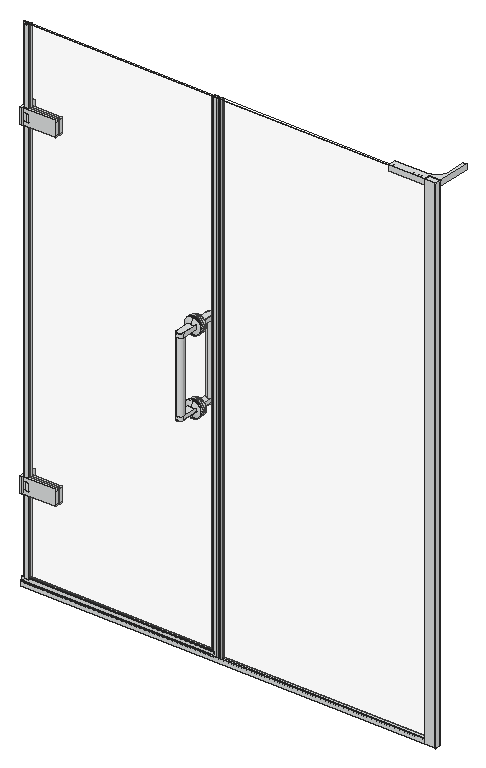
Revit family "Shower-Shower_Door-KOHLER-Components-K-27619", category Specialty Equipment, host Face, Revit 2017
Family settings
  Host = Face
  Round Connector Dimension = Use Diameter
  Part Type = Normal
  OmniClass Number = 23.31.17.17
  OmniClass Title = Shower Enclosures
  Cut with Voids When Loaded = No
  Shared = No
  Room Calculation Point = No
Parameters (values of type "SHP-Bright Polished Silver")
  Width [instance] = 58 3/4"
  WaterSense Certified = 1 = 0  # no
  URL = "https://www.us.kohler.com/us/"
  Type = 1
  Product Page URL = "http://www.us.kohler.com/us/catalog/productDetails.jsp?productId=27619-10L"
  Product Name = "Components"  # constant formula
  Product Documentation Link = "https://www.us.kohler.com/webassets/kpna/catalog/pdf/en/K-27619-10L_spec_US-CA_Kohler_en.pdf"
  Model = if(Type = 1, "K-27619-10L-SHP", if(Type = 2, "K-27619-10L-BL", if(Type = 3, "K-27619-10L-BNK", "NA")))  # "K-27619-10L-SHP"
  Material = "Anodized Aluminum"  # constant formula
  Master Format 2014 Name = "Shower Doors"  # constant formula
  Master Format 2014 = "10 28 19.16"  # constant formula
  Manufacturer Address = "444 Highland Dr, Kohler, WI 53044"  # constant formula
  Manufacturer = "KOHLER Co."  # constant formula
  Length = 5 7/16"  # constant formula
  Height = 71 3/4"  # constant formula
  Finish = Kohler-Metal-SHP-Bright_Polished_Silver
  Environmental Product Declaration = ""
  Description = "Frameless pivot shower door, 71-3/4inch H x 58 - 58-3/4inch W, with 3/8inch thick Crystal Clear glass"  # constant formula
  Default Elevation = 0"
  Declare Label = ""
  Date Modified = "02/08/2021"  # constant formula
  Date Created = "02/08/2021"  # constant formula
  Copyright = "Copyright KOHLER Co."  # constant formula
  Contact Us = "https://www.us.kohler.com/us/static/contact.jsp"
  Assembly Code = "C1030200"
  ADA Compliant = 1 = 0  # no
Reference planes (in)
  plane 1 "Center (Front/Back)": y = 0
  plane 2: z = 0
  plane 3 "Center (Left/Right)": x = 0
  plane 4: x = -11.29398
  plane 5: x = 23.05758
  plane 6: x = -35.69242
  plane 7: y = 0.41651
  plane 8: x = -35.41682
  plane 9: x = -35.25029
  plane 10: x = -34.70854
  plane 11: x = -34.74679
  plane 12: x = -30.62977
  plane 13: z = 71.75
  plane 14: y = 2.25623
  plane 15: z = 41.5625
  plane 16: z = 36.28596
  plane 17: z = 31.06059
  plane 18: y = -2.71523
  plane 19: z = 0.6875
  plane 20: y = -0.35321
  plane 21: y = -0.39671
  plane 22: y = 5.04079
  plane 23: y = 3.20736
  plane 24: y = -3.20736
  plane 25: x = -8.50492
Dimensions and locks (in)
  locked: plane 3 "Center (Left/Right)" to plane 5 at 23.05758
  "Width": plane 6 to plane 5
  locked: plane 6 to plane 12 at 5.06265
  locked: plane 6 to plane 9 at 0.44213
  locked: plane 6 to plane 8 at 0.2756
  locked: plane 6 to plane 11 at 0.94563
  locked: plane 10 to plane 12 at 4.07877
  "Height": plane 13 to level
  "Length": plane 21 to plane 22
  locked: plane 25 to plane 5 at 31.5625
  aligned and locked: plane 2 to host face
  aligned and locked: level to host face
  aligned and locked: plane 3 "Center (Left/Right)" to nested 1
  aligned and locked: plane 1 "Center (Front/Back)" to nested 1
  aligned and locked: plane 4 to nested 1
  aligned and locked: plane 5 to nested 1
  aligned and locked: plane 6 to nested 1
  aligned and locked: plane 25 to nested 1
Automatic sketch dimensions
  host sketch curve to host sketch curve = 96"  (x2)
Nested families (in)
  nested 1: "K-27619" at (0, 0, 0), type "K-27619"
    with A 58 3/4"
Definition of nested family "K-27619"
  Parameters (values of type "K-27619")
    Material = none
    A = 58"
  Reference planes (in)
    plane 1 "Center (Front/Back)": y = 0
    plane 2: z = 0
    plane 3 "Center (Left/Right)": x = 0
    plane 4: y = 5.09727
    plane 5: x = -34.94242
    plane 6: x = 23.05758
    plane 7: z = 71.75
    plane 8: z = 0.6875
    plane 9: y = -0.35321
    plane 10: y = 0.41651
    plane 11: z = 42.0625
    plane 12: y = 2.25623
    plane 13: y = -0.39671
    plane 14: x = -34.66682
    plane 15: x = -29.87977
    plane 16: x = -33.95854
    plane 17: x = -33.99679
    plane 18: x = -29.87977
    plane 19: x = -33.95854
    plane 20: x = -33.99679
    plane 21: x = -34.50029
    plane 22: x = -34.45029
    plane 23 "X": x = -11.29398
    plane 24: z = 41.5625
    plane 25: z = 36.28596
    plane 26: y = -2.71523
    plane 27: x = -8.50492
    plane 28: z = 31.06059
    plane 29: y = 3.20736
    plane 30: y = -3.20736
    plane 31: y = 5.04079
  Forms (in)
    Extrusion 1, solid
      sketch origin (0, 0, 0) x (1, 0, 0) y (0, 1, 0)
        loop
          line (-34.45029, 0.19282) -> (-34.45029, -0.18603) -> (-8.56492, -0.18603) -> (-8.50492, -0.12603) -> (-8.50492, 0.13447) -> (-8.56327, 0.19282) -> (-34.45029, 0.19282)
        loop
          line (-7.61615, 0.23734) -> (-7.67815, 0.17534) -> (-7.67815, -0.07666) -> (-7.61615, -0.13866) -> (21.48278, -0.13866) -> (21.48278, 0.23734) -> (-7.61615, 0.23734)
      from 0.60236 to 71.49717
    Extrusion 2, solid, material <- "Material", detail levels medium+fine
      sketch origin (0, 0, 0) x (1, 0, 0) y (0, 1, 0)
        loop
          line (-34.50029, 0.21646) -> (-34.50029, -0.25118)
          arc (-34.50029, -0.25118) -> (-34.49352, -0.26753) -> (-34.47718, -0.2743) r 0.02311
          line (-34.47718, -0.2743) -> (-33.95854, -0.2743) -> (-33.95854, -0.18603) -> (-33.99679, -0.18603) -> (-33.99679, -0.22748) -> (-34.41904, -0.22748)
          arc (-34.41904, -0.22748) -> (-34.44113, -0.21833) -> (-34.45029, -0.19623) r 0.03125
          line (-34.45029, -0.19623) -> (-34.45029, 0.19623)
          arc (-34.45029, 0.19623) -> (-34.44113, 0.21833) -> (-34.41904, 0.22748) r 0.03125
          line (-34.41904, 0.22748) -> (-33.99679, 0.22748) -> (-33.99679, 0.19282) -> (-33.95854, 0.19282) -> (-33.95854, 0.26447) -> (-34.94242, 0.26447) -> (-34.94242, 0.21646) -> (-34.50029, 0.21646)
      from 1.0794 to 71.49717
    Extrusion 3, solid, material <- "Material", detail levels medium+fine
      sketch origin (0, 0, 0) x (0, 1, 0) y (0, 0, 1)
        loop
          line (-0.5031, 60.86004) -> (-0.5031, 58.69468) -> (1.61028, 58.69468)
          arc (1.61028, 58.69468) -> (1.74839, 58.75189) -> (1.80559, 58.89) r 0.19531
          line (1.80559, 58.89) -> (1.80559, 60.66519)
          arc (1.80559, 60.66519) -> (1.74852, 60.80297) -> (1.61074, 60.86004) r 0.19485
          line (1.61074, 60.86004) -> (-0.5031, 60.86004)
      from -34.94242 to -34.66682
    Extrusion 4, solid, material <- "Material", detail levels medium+fine
      sketch origin (0, 0, 0) x (1, 0, 0) y (0, 0, 1)
        loop
          line (-30.07508, 60.84843) -> (-34.66682, 60.84843) -> (-34.66682, 60.26807) -> (-33.7235, 60.26807)
          arc (-33.7235, 60.26807) -> (-33.70848, 60.26185) -> (-33.70226, 60.24683) r 0.02124
          line (-33.70226, 60.24683) -> (-33.70226, 59.28625)
          arc (-33.70226, 59.28625) -> (-33.70874, 59.27061) -> (-33.72438, 59.26413) r 0.02212
          line (-33.72438, 59.26413) -> (-34.66682, 59.26413) -> (-34.66682, 58.68342) -> (-30.07508, 58.68342)
          arc (-30.07508, 58.68342) -> (-29.93697, 58.74063) -> (-29.87977, 58.87874) r 0.19531
          line (-29.87977, 58.87874) -> (-29.87977, 60.65312)
          arc (-29.87977, 60.65312) -> (-29.93697, 60.79122) -> (-30.07508, 60.84843) r 0.19531
      from -0.56334 to 0.46162
    Extrusion 5, solid, material <- "Material", detail levels medium+fine
      sketch origin (0, 0, 0) x (1, 0, 0) y (0, 1, 0)
        loop
          line (-34.66682, 0.32578) -> (-34.66682, -0.46162) -> (-34.09667, -0.46162)
          arc (-34.09667, -0.46162) -> (-33.70297, -0.06792) -> (-34.09667, 0.32578) r 0.3937
          line (-34.09667, 0.32578) -> (-34.66682, 0.32578)
      from 59.26413 to 60.26807
    Extrusion 6, solid, material <- "Material", detail levels medium+fine
      sketch origin (0, 0, -46.8179) x (0, 1, 0) y (0, 0, 1)
        loop
          line (-0.5031, 60.82475) -> (-0.5031, 58.65974) -> (1.61028, 58.65974)
          arc (1.61028, 58.65974) -> (1.74839, 58.71695) -> (1.80559, 58.85505) r 0.19531
          line (1.80559, 58.85505) -> (1.80559, 60.6299)
          arc (1.80559, 60.6299) -> (1.74852, 60.76768) -> (1.61074, 60.82475) r 0.19485
          line (1.61074, 60.82475) -> (-0.5031, 60.82475)
      from -34.94242 to -34.66682
    Extrusion 7, solid, material <- "Material", detail levels medium+fine
      sketch origin (0, 0, 0) x (0, 1, 0) y (0, 0, 1)
        loop
          line (0.29381, 0.58211) -> (-0.29441, 0.58211)
          arc (-0.29441, 0.58211) -> (-0.30829, 0.57637) -> (-0.31403, 0.56249) r 0.01963
          line (-0.31403, 0.56249) -> (-0.31403, 0) -> (-0.26679, 0) -> (-0.26679, 0.05855)
          arc (-0.26679, 0.05855) -> (-0.26088, 0.07283) -> (-0.2466, 0.07874) r 0.02019
          line (-0.2466, 0.07874) -> (0.24763, 0.07874)
          arc (0.24763, 0.07874) -> (0.26249, 0.07258) -> (0.26864, 0.05772) r 0.02102
          line (0.26864, 0.05772) -> (0.26864, 0) -> (0.31589, 0) -> (0.31589, 0.56004)
          arc (0.31589, 0.56004) -> (0.30942, 0.57565) -> (0.29381, 0.58211) r 0.02207
      from -34.94242 to 22.07333
    Extrusion 8, solid, material <- "Material", detail levels medium+fine
      sketch origin (0, 0, 0) x (0, 1, 0) y (0, 0, 1)
        loop
          line (0.25467, 1.03599) -> (0.2466, 1.15485)
          arc (0.2466, 1.15485) -> (0.23963, 1.16951) -> (0.22452, 1.17547) r 0.02212
          line (0.22452, 1.17547) -> (-0.20277, 1.17547)
          arc (-0.20277, 1.17547) -> (-0.21774, 1.16957) -> (-0.22465, 1.15502) r 0.02194
          line (-0.22465, 1.15502) -> (-0.25676, 0.68239) -> (-0.29012, 0.6859)
          arc (-0.29012, 0.6859) -> (-0.30687, 0.68046) -> (-0.31403, 0.66437) r 0.02165
          line (-0.31403, 0.66437) -> (-0.31403, 0.60328)
          arc (-0.31403, 0.60328) -> (-0.30783, 0.58831) -> (-0.29287, 0.58211) r 0.02117
          line (-0.29287, 0.58211) -> (0.23734, 0.58211) -> (0.23734, 0.99755) -> (0.68158, 0.84646)
          arc (0.68158, 0.84646) -> (0.70152, 0.85614) -> (0.69206, 0.87618) r 0.01576
          line (0.69206, 0.87618) -> (0.25467, 1.03599)
      from -34.94242 to -8.50492
    Extrusion 9, solid, material <- "Material", detail levels medium+fine
      sketch origin (0, 0, 0) x (1, 0, 0) y (0, 1, 0)
        loop
          line (21.50621, -0.39671) -> (23.03414, -0.39671)
          arc (23.03414, -0.39671) -> (23.05071, -0.38985) -> (23.05758, -0.37327) r 0.02344
          line (23.05758, -0.37327) -> (23.05758, 0.39307)
          arc (23.05758, 0.39307) -> (23.05071, 0.40964) -> (23.03414, 0.41651) r 0.02344
          line (23.03414, 0.41651) -> (21.50721, 0.41651)
          arc (21.50721, 0.41651) -> (21.48993, 0.40935) -> (21.48278, 0.39207) r 0.02444
          line (21.48278, 0.39207) -> (21.48278, -0.13866) -> (21.3525, -0.13866) -> (21.43171, -0.23873)
          arc (21.43171, -0.23873) -> (21.4555, -0.25299) -> (21.48278, -0.24799) r 0.03927
          line (21.48278, -0.24799) -> (21.48278, -0.37327)
          arc (21.48278, -0.37327) -> (21.48964, -0.38985) -> (21.50621, -0.39671) r 0.02344
      from 0 to 70.9789
    Extrusion 10, solid, material <- "Material", detail levels medium+fine
      sketch origin (0, 0, 0) x (1, 0, 0) y (0, 1, 0)
        loop
          line (23.03414, 0.41651) -> (21.50721, 0.41651)
          arc (21.50721, 0.41651) -> (21.48993, 0.40935) -> (21.48278, 0.39207) r 0.02444
          line (21.48278, 0.39207) -> (21.48278, -0.37327)
          arc (21.48278, -0.37327) -> (21.48964, -0.38985) -> (21.50621, -0.39671) r 0.02344
          line (21.50621, -0.39671) -> (23.03414, -0.39671)
          arc (23.03414, -0.39671) -> (23.05071, -0.38985) -> (23.05758, -0.37327) r 0.02344
          line (23.05758, -0.37327) -> (23.05758, 0.39307)
          arc (23.05758, 0.39307) -> (23.05071, 0.40964) -> (23.03414, 0.41651) r 0.02344
      from 70.9789 to 71.73874
    Extrusion 11, solid, material <- "Material", detail levels medium+fine
      sketch origin (0, 0, 0) x (1, 0, 0) y (0, 1, 0)
        loop
          arc (16.34498, -0.33053) -> (16.35162, -0.34657) -> (16.36766, -0.35321) r 0.02268
          line (16.36766, -0.35321) -> (21.45277, -0.35321)
          arc (21.45277, -0.35321) -> (21.46952, -0.34627) -> (21.47646, -0.32951) r 0.02369
          line (21.47646, -0.32951) -> (21.47646, 0.51293) -> (22.97915, 0.51293)
          arc (22.97915, 0.51293) -> (23.03461, 0.53591) -> (23.05758, 0.59137) r 0.07843
          line (23.05758, 0.59137) -> (23.05758, 5.09727) -> (22.60279, 5.09727)
          arc (22.60279, 5.09727) -> (22.58753, 5.09094) -> (22.5812, 5.07567) r 0.02159
          line (22.5812, 5.07567) -> (22.5812, 2.35152)
          arc (22.5812, 2.35152) -> (22.14186, 1.29086) -> (21.0812, 0.85152) r 1.5
          line (21.0812, 0.85152) -> (16.36712, 0.85152)
          arc (16.36712, 0.85152) -> (16.35147, 0.84503) -> (16.34498, 0.82938) r 0.02214
          line (16.34498, 0.82938) -> (16.34498, -0.33053)
      from 70.9789 to 71.73874
    Extrusion 12, void
      sketch origin (0, 0, 0) x (0, 1, 0) y (0, 0, 1)
        loop
          line (-0.13866, 71.48447) -> (-0.13866, 70.97639) -> (0.23734, 70.97639) -> (0.23734, 71.48447) -> (0.21339, 71.50843) -> (-0.1147, 71.50843) -> (-0.13866, 71.48447)
      from 11.05187 to 21.3525
    Extrusion 13, solid, material <- "Material", detail levels medium+fine
      sketch origin (0, 0, 0) x (1, 0, 0) y (0, 1, 0)
        loop
          line (-7.98305, -0.11955) -> (-8.3165, 0.2139)
          arc (-8.3165, 0.2139) -> (-8.38841, 0.25903) -> (-8.4728, 0.26837) r 0.19025
          line (-8.4728, 0.26837) -> (-8.68663, 0.24374)
          arc (-8.68663, 0.24374) -> (-8.72124, 0.2278) -> (-8.73969, 0.19447) r 0.06114
          line (-8.73969, 0.19447) -> (-8.65749, 0.19447)
          arc (-8.65749, 0.19447) -> (-8.63878, 0.20652) -> (-8.61725, 0.21217) r 0.07088
          arc (-8.61725, 0.21217) -> (-8.57402, 0.21598) -> (-8.53072, 0.21882) r 1.93907
          arc (-8.53072, 0.21882) -> (-8.51257, 0.21215) -> (-8.50492, 0.19438) r 0.02447
          line (-8.50492, 0.19438) -> (-8.50492, -0.17201)
          arc (-8.50492, -0.17201) -> (-8.51182, -0.18866) -> (-8.52848, -0.19555) r 0.02354
          arc (-8.52848, -0.19555) -> (-8.59564, -0.19314) -> (-8.66247, -0.18603) r 0.95941
          line (-8.66247, -0.18603) -> (-8.73924, -0.18603)
          arc (-8.73924, -0.18603) -> (-8.72129, -0.2097) -> (-8.69384, -0.22105) r 0.0567
          arc (-8.69384, -0.22105) -> (-8.56449, -0.23575) -> (-8.43479, -0.24691) r 4.75588
          arc (-8.43479, -0.24691) -> (-8.22448, -0.24877) -> (-8.01562, -0.22404) r 1.66165
          arc (-8.01562, -0.22404) -> (-7.96775, -0.18164) -> (-7.98305, -0.11955) r 0.06181
        loop
          line (-8.19664, 0.1381) -> (-7.85629, -0.20226)
          arc (-7.85629, -0.20226) -> (-7.80509, -0.23545) -> (-7.74481, -0.24486) r 0.14621
          arc (-7.74481, -0.24486) -> (-7.61956, -0.23596) -> (-7.49466, -0.22319) r 4.04578
          arc (-7.49466, -0.22319) -> (-7.4492, -0.1931) -> (-7.44639, -0.13866) r 0.06051
          line (-7.44639, -0.13866) -> (-7.52528, -0.13866) -> (-7.52528, -0.1737)
          arc (-7.52528, -0.1737) -> (-7.59035, -0.18268) -> (-7.65604, -0.18238) r 0.46473
          arc (-7.65604, -0.18238) -> (-7.67177, -0.1748) -> (-7.67815, -0.15855) r 0.0239
          line (-7.67815, -0.15855) -> (-7.67815, 0.19465)
          arc (-7.67815, 0.19465) -> (-7.66565, 0.22484) -> (-7.63546, 0.23734) r 0.04269
          line (-7.63546, 0.23734) -> (-7.45216, 0.23734)
          arc (-7.45216, 0.23734) -> (-7.56528, 0.25438) -> (-7.67947, 0.26124) r 1.27776
          arc (-7.67947, 0.26124) -> (-7.91958, 0.2583) -> (-8.15916, 0.24223) r 4.38502
          arc (-8.15916, 0.24223) -> (-8.21094, 0.20205) -> (-8.19664, 0.1381) r 0.06116
      from 0.55906 to 71.49717
    Extrusion 14, void
      sketch origin (0, 0, 0) x (1, 0, 0) y (0, 0, 1)
        loop
          line (-34.45029, 1.17548) -> (-34.45029, 0.32822) -> (-8.50492, 0.32822) -> (-8.50492, 1.17548) -> (-34.45029, 1.17548)
      from -2.40664 to 15.24149
    Extrusion 15, solid, material <- "Material", detail levels coarse
      sketch origin (0, 0, 0) x (1, 0, 0) y (0, 1, 0)
        loop
          line (-34.94242, 0.30738) -> (-34.94242, -0.31655) -> (-33.95854, -0.31655) -> (-33.95854, -0.18603) -> (-34.45029, -0.18603) -> (-34.45029, 0.19282) -> (-33.95854, 0.19282) -> (-33.95854, 0.30738) -> (-34.94242, 0.30738)
        loop
          line (-7.38176, 0.27406) -> (-8.73969, 0.27406) -> (-8.73969, 0.19447) -> (-8.56492, 0.19447) -> (-8.50492, 0.13447) -> (-8.50492, -0.12603) -> (-8.56492, -0.18603) -> (-8.73969, -0.18603) -> (-8.73969, -0.25676) -> (-7.38176, -0.25676) -> (-7.38176, -0.13866) -> (-7.61615, -0.13866) -> (-7.67815, -0.07666) -> (-7.67815, 0.17534) -> (-7.61615, 0.23734) -> (-7.38176, 0.23734) -> (-7.38176, 0.27406)
        loop
          line (23.05758, -0.39671) -> (23.05758, 0.46253) -> (21.48278, 0.46253) -> (21.48278, -0.39671) -> (23.05758, -0.39671)
      from 0 to 71.49717
    Extrusion 16, solid, material <- "Material", detail levels coarse
      sketch origin (0, 0, 0) x (1, 0, 0) y (0, 1, 0)
        loop
          line (22.5812, 5.09727) -> (22.5812, 0.85152) -> (16.34498, 0.85152) -> (16.34498, -0.35321) -> (21.48278, -0.35321) -> (21.48278, -0.39671) -> (23.05758, -0.39671) -> (23.05758, 5.09727) -> (22.5812, 5.09727)
      from 70.9789 to 71.73874
    Extrusion 17, solid, material <- "Material", detail levels medium+fine
      sketch origin (0, 0, -46.82134) x (1, 0, 0) y (0, 0, 1)
        loop
          line (-30.07508, 60.82818) -> (-34.66682, 60.82818) -> (-34.66682, 60.24782) -> (-33.7235, 60.24782)
          arc (-33.7235, 60.24782) -> (-33.70848, 60.2416) -> (-33.70226, 60.22658) r 0.02124
          line (-33.70226, 60.22658) -> (-33.70226, 59.26601)
          arc (-33.70226, 59.26601) -> (-33.70874, 59.25036) -> (-33.72438, 59.24388) r 0.02212
          line (-33.72438, 59.24388) -> (-34.66682, 59.24388) -> (-34.66682, 58.66318) -> (-30.07508, 58.66318)
          arc (-30.07508, 58.66318) -> (-29.93697, 58.72038) -> (-29.87977, 58.85849) r 0.19531
          line (-29.87977, 58.85849) -> (-29.87977, 60.63287)
          arc (-29.87977, 60.63287) -> (-29.93697, 60.77098) -> (-30.07508, 60.82818) r 0.19531
      from -0.56334 to 0.46162
    Extrusion 18, void
      sketch origin (0, 0, 0) x (1, 0, 0) y (0, 0, 1)
        loop
          line (-34.94242, 58.69468) -> (-33.23726, 58.69468) -> (-33.23726, 60.85969) -> (-34.94242, 60.85969) -> (-34.94242, 58.69468)
        loop
          line (-34.94242, 11.84184) -> (-33.23726, 11.84184) -> (-33.23726, 14.00685) -> (-34.94242, 14.00685) -> (-34.94242, 11.84184)
      from 1 to -2
    Extrusion 19, solid, material <- "Material", detail levels medium+fine
      sketch origin (0, 0, 0) x (1, 0, 0) y (0, 1, 0)
        loop
          line (-34.66682, 0.32578) -> (-34.66682, -0.46162) -> (-34.14764, -0.46162)
          arc (-34.14764, -0.46162) -> (-33.75394, -0.06792) -> (-34.14764, 0.32578) r 0.3937
          line (-34.14764, 0.32578) -> (-34.66682, 0.32578)
      from 12.4428 to 13.44673
    Extrusion 20, void
      sketch origin (0, 0, 0) x (1, 0, 0) y (0, 1, 0)
        loop
          line (-34.45029, 0.19282) -> (-34.45029, -0.18603) -> (-29.78968, -0.18603) -> (-29.78968, 0.19282) -> (-34.45029, 0.19282)
      from 5.2978 to 78.02694
    Extrusion 21, solid, material <- "Material", detail levels coarse
      sketch origin (0, 0, 0) x (1, 0, 0) y (0, 0, 1)
        loop
          line (-34.94242, 60.86004) -> (-34.94242, 58.69468) -> (-29.87977, 58.69468) -> (-29.87977, 60.86004) -> (-34.94242, 60.86004)
        loop
          line (-34.94242, 14.00685) -> (-34.94242, 11.84184) -> (-29.87977, 11.84184) -> (-29.87977, 14.00685) -> (-34.94242, 14.00685)
      from -1.28247 to 0.46162
    Extrusion 22, solid, material <- "Material", detail levels coarse
      sketch origin (0, 0, 0) x (1, 0, 0) y (0, 0, 1)
        loop
          line (-34.94242, 0.98215) -> (-34.94242, 0) -> (23.05758, 0) -> (23.05758, 0.98215) -> (-34.94242, 0.98215)
      from -0.46253 to 0.39671
    Revolve 23, solid, material <- "Material", detail levels medium+fine
      sketch origin (-11.29398, 0.16717, 0) x (0, 1, 0) y (0, 0, 1)
        loop
          line (-0.35321, 42.74507) -> (-0.54169, 42.74507)
          arc (-0.54169, 42.74507) -> (-0.55871, 42.73917) -> (-0.56842, 42.724) r 0.02749
          line (-0.56842, 42.724) -> (-0.78695, 41.81331)
          arc (-0.78695, 41.81331) -> (-0.80069, 41.73632) -> (-0.80529, 41.65825) r 0.66453
          line (-0.80529, 41.65825) -> (-0.80529, 41.5625) -> (-0.35321, 41.5625) -> (-0.35321, 42.74507)
        axis (-0.35321, 41.5625) -> (-0.80529, 41.5625)
      angle from 0 to 360
    Revolve 24, solid, material <- "Material", detail levels medium+fine
      sketch origin (-11.29398, 0.16717, 72.57191) x (0, 1, 0) y (0, 0, -1)
        loop
          line (-0.35321, 42.74507) -> (-0.54169, 42.74507)
          arc (-0.54169, 42.74507) -> (-0.55871, 42.73917) -> (-0.56842, 42.724) r 0.02749
          line (-0.56842, 42.724) -> (-0.78695, 41.81331)
          arc (-0.78695, 41.81331) -> (-0.80069, 41.73632) -> (-0.80529, 41.65825) r 0.66453
          line (-0.80529, 41.65825) -> (-0.80529, 41.5625) -> (-0.35321, 41.5625) -> (-0.35321, 42.74507)
        axis (-0.35321, 41.5625) -> (-0.80529, 41.5625)
      angle from 0 to 360
    Revolve 25, solid, material <- "Material", detail levels medium+fine
      sketch origin (-11.29398, -0.15936, 72.57191) x (0, -1, 0) y (0, 0, -1)
        loop
          line (-0.35321, 42.74507) -> (-0.54169, 42.74507)
          arc (-0.54169, 42.74507) -> (-0.55871, 42.73917) -> (-0.56842, 42.724) r 0.02749
          line (-0.56842, 42.724) -> (-0.78695, 41.81331)
          arc (-0.78695, 41.81331) -> (-0.80069, 41.73632) -> (-0.80529, 41.65825) r 0.66453
          line (-0.80529, 41.65825) -> (-0.80529, 41.5625) -> (-0.35321, 41.5625) -> (-0.35321, 42.74507)
        axis (-0.35321, 41.5625) -> (-0.80529, 41.5625)
      angle from 0 to 360
    Revolve 26, solid, material <- "Material", detail levels medium+fine
      sketch origin (-11.29398, -0.15936, 0) x (0, -1, 0) y (0, 0, 1)
        loop
          line (-0.35321, 42.74507) -> (-0.54169, 42.74507)
          arc (-0.54169, 42.74507) -> (-0.55871, 42.73917) -> (-0.56842, 42.724) r 0.02749
          line (-0.56842, 42.724) -> (-0.78695, 41.81331)
          arc (-0.78695, 41.81331) -> (-0.80069, 41.73632) -> (-0.80529, 41.65825) r 0.66453
          line (-0.80529, 41.65825) -> (-0.80529, 41.5625) -> (-0.35321, 41.5625) -> (-0.35321, 42.74507)
        axis (-0.35321, 41.5625) -> (-0.80529, 41.5625)
      angle from 0 to 360
    Sweep 27, solid, material <- "Material", detail levels medium+fine
      path origin (0, 0, 0) x (1, 0, 0) y (0, 1, 0)
        loop
          line (-11.78611, -0.3456) -> (-11.78611, -2.71523)
          arc (-11.78611, -2.71523) -> (-11.29398, -3.20736) -> (-10.80186, -2.71523) r 0.49213
          line (-10.80186, -2.71523) -> (-10.80186, -0.3456) -> (-11.78611, -0.3456)
      profile origin (-11.29398, -3.20736, 0) x (0, 1, 0) y (0, 0, 1)
        loop
          line (0, 41.82591) -> (0, 41.29909) -> (0.05573, 41.29909) -> (0.05573, 41.85027) -> (0.02436, 41.85027)
          arc (0.02436, 41.85027) -> (0.00714, 41.84314) -> (0, 41.82591) r 0.02436
    Sweep 28, solid, material <- "Material", detail levels medium+fine
      path origin (0, 0, 72.57191) x (0, -1, 0) y (1, 0, 0)
        loop
          line (0.3456, -11.78611) -> (2.71523, -11.78611)
          arc (2.71523, -11.78611) -> (3.20736, -11.29398) -> (2.71523, -10.80186) r 0.49213
          line (2.71523, -10.80186) -> (0.3456, -10.80186) -> (0.3456, -11.78611)
      profile origin (-11.29398, -3.20736, 72.57191) x (0, 1, 0) y (0, 0, 1)
        loop
          arc (0, -41.77473) -> (0.00714, -41.79196) -> (0.02436, -41.79909) r 0.02436
          line (0.02436, -41.79909) -> (0.05573, -41.79909) -> (0.05573, -41.24791) -> (0, -41.24791) -> (0, -41.77473)
    Sweep 29, solid, material <- "Material", detail levels medium+fine
      path origin (0, 0, 0) x (1, 0, 0) y (0, -1, 0)
        loop
          line (-11.78611, -0.3456) -> (-11.78611, -2.71523)
          arc (-11.78611, -2.71523) -> (-11.29398, -3.20736) -> (-10.80186, -2.71523) r 0.49213
          line (-10.80186, -2.71523) -> (-10.80186, -0.3456) -> (-11.78611, -0.3456)
      profile origin (-11.29398, 3.20736, 0) x (0, 1, 0) y (0, 0, 1)
        loop
          arc (0, 41.82591) -> (-0.00714, 41.84314) -> (-0.02436, 41.85027) r 0.02436
          line (-0.02436, 41.85027) -> (-0.05573, 41.85027) -> (-0.05573, 41.29909) -> (0, 41.29909) -> (0, 41.82591)
    Sweep 30, solid, material <- "Material", detail levels medium+fine
      path origin (0, 0, 72.57191) x (0, -1, 0) y (1, 0, 0)
        loop
          line (-0.3456, -11.78611) -> (-0.3456, -10.80186) -> (-2.71523, -10.80186)
          arc (-2.71523, -10.80186) -> (-3.20736, -11.29398) -> (-2.71523, -11.78611) r 0.49213
          line (-2.71523, -11.78611) -> (-0.3456, -11.78611)
      profile origin (-11.29398, 3.20736, 72.57191) x (0, 1, 0) y (0, 0, 1)
        loop
          line (0, -41.76255) -> (0, -41.23573) -> (-0.05573, -41.23573) -> (-0.05573, -41.78691) -> (-0.02436, -41.78691)
          arc (-0.02436, -41.78691) -> (-0.00714, -41.77977) -> (0, -41.76255) r 0.02436
    Extrusion 31, solid, material <- "Material", detail levels medium+fine
      sketch origin (0, 0, 0) x (1, 0, 0) y (0, 1, 0)
        loop
          arc (-11.73038, -2.71523) -> (-11.29398, -3.15163) -> (-10.85759, -2.71523) r 0.4364
          line (-10.85759, -2.71523) -> (-10.85759, -0.40132) -> (-11.73038, -0.40132) -> (-11.73038, -2.71523)
      from 41.29909 to 41.85027
    Extrusion 32, solid, material <- "Material", detail levels medium+fine
      sketch origin (0, 0, 0) x (1, 0, 0) y (0, 1, 0)
        loop
          line (-11.73038, 2.71523) -> (-11.73038, 0.40132) -> (-10.85759, 0.40132) -> (-10.85759, 2.71523)
          arc (-10.85759, 2.71523) -> (-11.29398, 3.15163) -> (-11.73038, 2.71523) r 0.4364
      from 41.29909 to 41.85027
    Extrusion 33, solid, material <- "Material", detail levels medium+fine
      sketch origin (0, 0, 0) x (1, 0, 0) y (0, 1, 0)
        loop
          arc (-11.73038, -2.71523) -> (-11.29398, -3.15163) -> (-10.85759, -2.71523) r 0.4364
          line (-10.85759, -2.71523) -> (-10.85759, -0.40132) -> (-11.73038, -0.40132) -> (-11.73038, -2.71523)
      from 31.324 to 30.77282
    Extrusion 34, solid, material <- "Material", detail levels medium+fine
      sketch origin (0, 0, 0) x (1, 0, 0) y (0, 1, 0)
        loop
          line (-11.73038, 2.71523) -> (-11.73038, 0.40132) -> (-10.85759, 0.40132) -> (-10.85759, 2.71523)
          arc (-10.85759, 2.71523) -> (-11.29398, 3.15163) -> (-11.73038, 2.71523) r 0.4364
      from 31.33618 to 30.785
    Revolve 35, solid, material <- "Material", detail levels medium+fine
      sketch origin (-11.29398, 0, 0) x (0, 1, 0) y (0, 0, 1)
        loop
          line (-3.20736, 31.324) -> (-2.71523, 31.324) -> (-2.71523, 41.29909) -> (-3.20736, 41.29909) -> (-3.20736, 31.324)
        axis (-2.71523, 41.29909) -> (-2.71523, 31.324)
      angle from 0 to 360
    Revolve 36, solid, material <- "Material", detail levels medium+fine
      sketch origin (-11.29398, 0, 0) x (0, -1, 0) y (0, 0, 1)
        loop
          line (-3.20736, 31.33618) -> (-2.71523, 31.33618) -> (-2.71523, 41.29909) -> (-3.20736, 41.29909) -> (-3.20736, 31.33618)
        axis (-2.71523, 41.29909) -> (-2.71523, 31.33618)
      angle from 0 to 360
    Sweep 37, solid, material <- "Material", detail levels coarse
      path origin (-11.29398, 0, 0) x (0, 1, 0) y (0, 0, 1)
        loop
          line (-0.31655, 41.85052) -> (-1.67273, 41.85052)
          arc (-1.67273, 41.85052) -> (-2.75788, 41.40103) -> (-3.20736, 40.31588) r 1.53463
          line (-3.20736, 40.31588) -> (-3.20736, 32.29457)
          arc (-3.20736, 32.29457) -> (-2.75772, 31.20905) -> (-1.6722, 30.75941) r 1.53516
          line (-1.6722, 30.75941) -> (-0.31655, 30.75941)
      profile origin (-11.29398, -3.20736, 36.30523) x (1, 0, 0) y (0, 1, 0)
        loop
          circle (0, 0.49213) r 0.49213
    Sweep 38, solid, material <- "Material", detail levels coarse
      path origin (-11.29398, 0, 0) x (0, -1, 0) y (0, 0, 1)
        loop
          line (-0.31655, 41.85052) -> (-1.67273, 41.85052)
          arc (-1.67273, 41.85052) -> (-2.75788, 41.40103) -> (-3.20736, 40.31588) r 1.53463
          line (-3.20736, 40.31588) -> (-3.20736, 32.29457)
          arc (-3.20736, 32.29457) -> (-2.75772, 31.20905) -> (-1.6722, 30.75941) r 1.53516
          line (-1.6722, 30.75941) -> (-0.31655, 30.75941)
      profile origin (-11.29398, 3.20736, 36.30523) x (1, 0, 0) y (0, 1, 0)
        loop
          circle (0, -0.49213) r 0.49213
    Extrusion 39, solid, material <- "Material", detail levels coarse
      sketch origin (0, 0, 0) x (1, 0, 0) y (0, 0, 1)
        loop
          circle (-11.29398, 41.5625) r 1.18257
        loop
          circle (-11.29398, 31.06059) r 1.23375
      from 0.18603 to 0.6702
    Extrusion 40, solid, material <- "Material", detail levels coarse
      sketch origin (0, 0, 0) x (1, 0, 0) y (0, 0, -1)
        loop
          circle (-11.29398, -41.5625) r 1.18257
        loop
          circle (-11.29398, -31.06059) r 1.23375
      from 0.18603 to 0.6702
  Cuts and joins
    Extrusion 14 cuts Extrusion 1
    Extrusion 20 cuts Extrusion 4
    joined: Extrusion 3, Extrusion 4, Extrusion 6, Extrusion 8
    Extrusion 18 cuts Extrusion 2
    Extrusion 12 cuts Extrusion 11
    joined: Extrusion 2, Extrusion 5, Extrusion 7, Extrusion 9, Extrusion 10, Extrusion 11, Extrusion 13
    Extrusion 12 cuts Extrusion 16
    Extrusion 20 cuts Extrusion 21
    joined: Extrusion 15, Extrusion 16, Extrusion 21, Extrusion 22
    Extrusion 20 cuts Extrusion 17
    Extrusion 20 cuts Extrusion 19
    joined: Sweep 27, Extrusion 31
    joined: Sweep 29, Extrusion 32
    joined: Sweep 28, Extrusion 33
    joined: Sweep 30, Extrusion 34
  Lines and regions (in)
    Masking region 1
      outline origin (0, 0, 0) x (1, 0, 0) y (0, 1, 0)
        loop
          line (-34.94242, 1.80559) -> (-34.94242, -0.5031) -> (-34.66682, -0.5031) -> (-34.66682, -0.46162) -> (-29.87977, -0.46162) -> (-29.87977, -0.31403) -> (-12.47674, -0.31403) -> (-12.47674, -0.37292)
          arc (-12.47674, -0.37292) -> (-12.4704, -0.3912) -> (-12.4541, -0.40163) r 0.02952
          line (-12.4541, -0.40163) -> (-11.7866, -0.56165) -> (-11.78611, -2.71523)
          arc (-11.78611, -2.71523) -> (-11.64197, -3.06322) -> (-11.29398, -3.20736) r 0.49213
          arc (-11.29398, -3.20736) -> (-10.946, -3.06322) -> (-10.80137, -2.71523) r 0.49213
          line (-10.80137, -2.71523) -> (-10.80137, -0.56165) -> (-10.13387, -0.40163)
          arc (-10.13387, -0.40163) -> (-10.11757, -0.3912) -> (-10.11123, -0.37292) r 0.02952
          line (-10.11123, -0.37292) -> (-10.11123, -0.31403) -> (16.34498, -0.31403)
          arc (16.34498, -0.31403) -> (16.35259, -0.34132) -> (16.37831, -0.35321) r 0.03377
          line (16.37831, -0.35321) -> (21.45277, -0.35321)
          arc (21.45277, -0.35321) -> (21.46912, -0.34983) -> (21.48278, -0.34023) r 0.04119
          line (21.48278, -0.34023) -> (21.48278, -0.37327)
          arc (21.48278, -0.37327) -> (21.48964, -0.38985) -> (21.50621, -0.39671) r 0.02344
          line (21.50621, -0.39671) -> (23.03414, -0.39671)
          arc (23.03414, -0.39671) -> (23.05071, -0.38985) -> (23.05758, -0.37327) r 0.02344
          line (23.05758, -0.37327) -> (23.05758, 0.39307)
          arc (23.05758, 0.39307) -> (23.05071, 0.40964) -> (23.03414, 0.41651) r 0.02344
          line (23.03414, 0.41651) -> (21.50721, 0.41651) -> (21.47646, 0.41651) -> (21.47646, 0.51293) -> (22.97915, 0.51293)
          arc (22.97915, 0.51293) -> (23.03461, 0.53591) -> (23.05758, 0.59137) r 0.07843
          line (23.05758, 0.59137) -> (23.05758, 5.04079) -> (22.60279, 5.04079)
          arc (22.60279, 5.04079) -> (22.58753, 5.03446) -> (22.5812, 5.0192) r 0.02159
          line (22.5812, 5.0192) -> (22.5812, 2.35152)
          arc (22.5812, 2.35152) -> (22.14186, 1.29086) -> (21.0812, 0.85152) r 1.5
          line (21.0812, 0.85152) -> (16.36712, 0.85152)
          arc (16.36712, 0.85152) -> (16.35147, 0.84503) -> (16.34498, 0.82938) r 0.02214
          line (16.34498, 0.82938) -> (16.34498, 0.31589) -> (-8.50492, 0.31589) -> (-8.50492, 0.70242) -> (-10.80137, 0.70242) -> (-10.80186, 2.70292)
          arc (-10.80186, 2.70292) -> (-10.946, 3.0509) -> (-11.29398, 3.19504) r 0.49213
          arc (-11.29398, 3.19504) -> (-11.64197, 3.0509) -> (-11.7866, 2.70292) r 0.49213
          line (-11.7866, 2.70292) -> (-11.7866, 0.70242) -> (-34.66682, 0.70242) -> (-34.66682, 1.80559) -> (-34.94242, 1.80559)
    Masking region 2
      outline origin (0, 0, 0) x (1, 0, 0) y (0, 0, 1)
        loop
          line (23.03388, 71.75) -> (16.34498, 71.75) -> (16.34498, 71.50843) -> (-34.94242, 71.50843) -> (-34.94242, 0) -> (23.05758, 0) -> (23.05758, 71.7263)
          arc (23.05758, 71.7263) -> (23.05064, 71.74306) -> (23.03388, 71.75) r 0.0237
    Masking region 3
      outline origin (0, 0, 0) x (0, 1, 0) y (0, 0, 1)
        loop
          line (5.04079, 71.75) -> (-0.39671, 71.75) -> (-0.39671, 60.86004) -> (-0.5031, 60.86004) -> (-0.5031, 58.69125) -> (-0.46162, 58.69468) -> (-0.39671, 58.69468) -> (-0.39671, 42.74346) -> (-0.61012, 41.85052) -> (-3.18136, 41.85052)
          arc (-3.18136, 41.85052) -> (-3.19974, 41.8429) -> (-3.20736, 41.82451) r 0.026
          line (-3.20736, 41.82451) -> (-3.20736, 30.7883)
          arc (-3.20736, 30.7883) -> (-3.1989, 30.76787) -> (-3.17847, 30.75941) r 0.02889
          line (-3.17847, 30.75941) -> (-0.61921, 30.75941) -> (-0.39671, 29.82845) -> (-0.39671, 14.01028) -> (-0.46162, 14.01028) -> (-0.5031, 14.01028) -> (-0.5031, 11.84184) -> (-0.46162, 11.84528) -> (-0.39671, 11.84528) -> (-0.39671, 0) -> (0.41651, 0) -> (0.41651, 0.93661) -> (0.68158, 0.84646)
          arc (0.68158, 0.84646) -> (0.70152, 0.85614) -> (0.69206, 0.87618) r 0.01576
          line (0.69206, 0.87618) -> (0.41651, 0.97686) -> (0.41651, 1.05915) -> (0.67092, 1.05915) -> (0.67092, 11.84184) -> (1.61028, 11.84184)
          arc (1.61028, 11.84184) -> (1.74839, 11.89905) -> (1.80559, 12.03715) r 0.19531
          line (1.80559, 12.03715) -> (1.80559, 13.81578)
          arc (1.80559, 13.81578) -> (1.74852, 13.95356) -> (1.61074, 14.01063) r 0.19485
          line (1.61074, 14.01063) -> (0.67092, 14.01063) -> (0.67092, 30.75941) -> (3.17847, 30.75941)
          arc (3.17847, 30.75941) -> (3.1989, 30.76787) -> (3.20736, 30.7883) r 0.02889
          line (3.20736, 30.7883) -> (3.20736, 41.82451)
          arc (3.20736, 41.82451) -> (3.19974, 41.8429) -> (3.18136, 41.85052) r 0.026
          line (3.18136, 41.85052) -> (0.67092, 41.85052) -> (0.67092, 58.69125) -> (1.61028, 58.69125)
          arc (1.61028, 58.69125) -> (1.74839, 58.74845) -> (1.80559, 58.88656) r 0.19531
          line (1.80559, 58.88656) -> (1.80559, 60.66519)
          arc (1.80559, 60.66519) -> (1.74852, 60.80297) -> (1.61074, 60.86004) r 0.19485
          line (1.61074, 60.86004) -> (0.67092, 60.86004) -> (0.67092, 70.99016) -> (5.04079, 70.99016) -> (5.04079, 71.75)
        loop
          line (0.67092, 31.324) -> (2.22311, 31.324) -> (2.22311, 41.29909) -> (0.67092, 41.29909) -> (0.67092, 35.23779) -> (0.67092, 31.324)
        loop
          line (-0.39671, 40.38154) -> (-0.616, 41.29909) -> (-2.22311, 41.29909) -> (-2.22311, 31.324) -> (-0.60377, 31.324) -> (-0.39671, 32.19038) -> (-0.39671, 35.54058) -> (-0.39671, 40.38154)
    symbolic lines, detail levels medium+fine
      curve 1: line (-8.56327, 0.19282, 0) -> (-34.45029, 0.19282, 0)
      curve 2: line (-34.45029, -0.18603, 0) -> (-8.56492, -0.18603, 0)
      curve 3: line (-29.87977, 0.56334, 0) -> (-34.66682, 0.56334, 0)
      curve 4: line (-29.87977, 0.56334, 0) -> (-29.87977, 0.25467, 0)
      curve 5: line (-29.87977, 0.25467, 0) -> (-29.87977, 0.19282, 0)
      curve 6: line (-29.87977, 0.25467, 0) -> (-8.73998, 0.25467, 0)
      curve 7: line (-29.87977, -0.46162, 0) -> (-29.87977, -0.18603, 0)
      curve 8: line (-29.87977, -0.25676, 0) -> (-8.73969, -0.25676, 0)
      curve 9: line (-8.73969, -0.31403, 0) -> (-8.73969, -0.18603, 0)
      curve 10: arc (-8.68663, 0.24374, 0) -> (-8.72185, 0.22723, 0) -> (-8.73998, 0.19282, 0) r 0.06114
      curve 11: line (-8.4728, 0.26837, 0) -> (-8.68663, 0.24374, 0)
      curve 12: arc (-8.3165, 0.2139, 0) -> (-8.38841, 0.25903, 0) -> (-8.4728, 0.26837, 0) r 0.19025
      curve 13: arc (-8.61725, 0.21217, 0) -> (-8.57402, 0.21598, 0) -> (-8.53072, 0.21882, 0) r 1.93907
      curve 14: arc (-8.53072, 0.21882, 0) -> (-8.51257, 0.21215, 0) -> (-8.50492, 0.19438, 0) r 0.02447
      curve 15: line (-8.50492, 0.19438, 0) -> (-8.50492, -0.17201, 0)
      curve 16: line (-8.50492, 0.13447, 0) -> (-8.56327, 0.19282, 0)
      curve 17: arc (-8.65927, 0.19282, 0) -> (-8.63988, 0.20602, 0) -> (-8.61725, 0.21217, 0) r 0.07088
      curve 18: arc (-8.50492, -0.17201, 0) -> (-8.51182, -0.18866, 0) -> (-8.52848, -0.19555, 0) r 0.02354
      curve 19: arc (-8.52848, -0.19555, 0) -> (-8.59564, -0.19314, 0) -> (-8.66247, -0.18603, 0) r 0.95941
      curve 20: line (-8.56492, -0.18603, 0) -> (-8.50492, -0.12603, 0)
      curve 21: line (-7.98305, -0.11955, 0) -> (-8.3165, 0.2139, 0)
      curve 22: arc (-8.01562, -0.22404, 0) -> (-7.96775, -0.18164, 0) -> (-7.98305, -0.11955, 0) r 0.06181
      curve 23: arc (-8.43479, -0.24691, 0) -> (-8.22448, -0.24877, 0) -> (-8.01562, -0.22404, 0) r 1.66165
      curve 24: arc (-8.69384, -0.22105, 0) -> (-8.56449, -0.23575, 0) -> (-8.43479, -0.24691, 0) r 4.75588
      curve 25: arc (-8.73924, -0.18603, 0) -> (-8.72129, -0.2097, 0) -> (-8.69384, -0.22105, 0) r 0.0567
      curve 26: line (-8.32638, 0.17617, 0) -> (-8.37359, 0.12895, 0)
      curve 27: line (-8.32638, 0.17617, 0) -> (-8.0455, -0.10471, 0)
      curve 28: line (-8.0455, -0.10471, 0) -> (-8.09271, -0.15193, 0)
      curve 29: line (-8.09271, -0.15193, 0) -> (-8.37359, 0.12895, 0)
      curve 30: line (-8.09351, 0.17617, 0) -> (-8.14072, 0.12895, 0)
      curve 31: line (-8.09351, 0.17617, 0) -> (-7.81263, -0.10471, 0)
      curve 32: line (-7.81263, -0.10471, 0) -> (-7.85984, -0.15193, 0)
      curve 33: line (-7.85984, -0.15193, 0) -> (-8.14072, 0.12895, 0)
      curve 34: line (-8.50492, 0.13447, 0) -> (-34.45029, 0.13447, 0)
      curve 35: line (-34.45029, -0.12603, 0) -> (-8.50492, -0.12603, 0)
      curve 36: line (-8.19664, 0.1381, 0) -> (-7.85629, -0.20226, 0)
      curve 37: arc (-8.15916, 0.24223, 0) -> (-8.21094, 0.20205, 0) -> (-8.19664, 0.1381, 0) r 0.06116
      curve 38: arc (-7.67947, 0.26124, 0) -> (-7.91958, 0.2583, 0) -> (-8.15916, 0.24223, 0) r 4.38502
      curve 39: arc (-7.45216, 0.23734, 0) -> (-7.56528, 0.25438, 0) -> (-7.67947, 0.26124, 0) r 1.27776
      curve 40: arc (-7.85629, -0.20226, 0) -> (-7.80509, -0.23545, 0) -> (-7.74481, -0.24486, 0) r 0.14621
      curve 41: arc (-7.74481, -0.24486, 0) -> (-7.61956, -0.23596, 0) -> (-7.49466, -0.22319, 0) r 4.04578
      curve 42: arc (-7.49466, -0.22319, 0) -> (-7.4492, -0.1931, 0) -> (-7.44639, -0.13866, 0) r 0.06051
      curve 43: line (-7.52528, -0.13866, 0) -> (-7.52528, -0.1737, 0)
      curve 44: arc (-7.52528, -0.1737, 0) -> (-7.59035, -0.18268, 0) -> (-7.65604, -0.18238, 0) r 0.46473
      curve 45: arc (-7.65604, -0.18238, 0) -> (-7.67177, -0.1748, 0) -> (-7.67815, -0.15855, 0) r 0.0239
      curve 46: line (-7.67815, -0.15855, 0) -> (-7.67815, 0.19465, 0)
      curve 47: arc (-7.67815, 0.19465, 0) -> (-7.66565, 0.22484, 0) -> (-7.63546, 0.23734, 0) r 0.04269
      curve 48: line (-7.63546, 0.23734, 0) -> (-7.45216, 0.23734, 0)
      curve 49: line (-7.61615, 0.23734, 0) -> (-7.67815, 0.17534, 0)
      curve 50: line (-7.67815, -0.07666, 0) -> (-7.61615, -0.13866, 0)
      curve 51: line (-7.61615, -0.13866, 0) -> (16.34498, -0.13866, 0)
      curve 52: line (16.34498, 0.23734, 0) -> (-7.45216, 0.23734, 0)
      curve 53: line (-7.67815, 0.17534, 0) -> (16.34498, 0.17534, 0)
      curve 54: line (-7.67815, -0.07666, 0) -> (16.34498, -0.07666, 0)
      curve 55: line (16.34498, 0.82938, 0) -> (21.10279, 0.82938, 0)
      curve 56: line (22.60279, 5.04079, 0) -> (22.60279, 2.32938, 0)
      curve 57: arc (22.60279, 2.32938, 0) -> (22.16345, 1.26871, 0) -> (21.10279, 0.82938, 0) r 1.5
      curve 58: line (23.03414, 0.41651, 0) -> (21.50721, 0.41651, 0)
      curve 59: arc (21.50721, 0.41651, 0) -> (21.48993, 0.40935, 0) -> (21.48278, 0.39207, 0) r 0.02444
      curve 60: line (21.48278, 0.39207, 0) -> (21.48278, -0.37327, 0)
      curve 61: arc (21.48278, -0.37327, 0) -> (21.48964, -0.38985, 0) -> (21.50621, -0.39671, 0) r 0.02344
      curve 62: line (23.05758, 0.59137, 0) -> (21.45464, 0.59137, 0)
      curve 63: line (21.45464, 0.59137, 0) -> (21.45464, -0.35321, 0)
      curve 64: line (21.47646, 0.41651, 0) -> (21.47646, -0.34571, 0)
      curve 65: line (16.34498, -0.33053, 0) -> (16.34498, 0.31589, 0)
      curve 66: line (-33.95854, 0, 0.84646) -> (-8.73969, 0, 0.84646)
      curve 67: line (-34.94242, 0, 0.58211) -> (21.48278, 0, 0.58211)
      curve 68: line (-34.94242, 0, 0.6875) -> (-8.73969, 0, 0.6875)
      curve 69: line (21.3525, 0, 0.6875) -> (-7.44124, 0, 0.6875)
      curve 70: line (-7.96495, 0, 0.58211) -> (-7.96495, 0, 71.50843)
      curve 71: line (-7.44124, 0, 71.50843) -> (-7.44124, 0, 0.58211)
      curve 72: line (-8.73969, 0, 0.58211) -> (-8.73969, 0, 71.50846)
      curve 73: line (-8.01562, 0, 71.50843) -> (-8.01562, 0, 0.58211)
      curve 74: line (-8.15916, 0, 71.50843) -> (-8.15916, 0, 0.58211)
      curve 75: line (21.48278, 0, 71.75) -> (21.48278, 0, 0)
      curve 76: line (21.3525, 0, 0.58211) -> (21.3525, 0, 70.99016)
      curve 77: line (21.47646, 0, 70.99016) -> (21.47646, 0, 71.75)
      curve 78: line (21.48278, 0, 70.99016) -> (16.34498, 0, 70.99016)
      curve 79: line (16.34498, 0, 70.99016) -> (16.34498, 0, 71.75)
      curve 80: line (23.05758, 0, 71.70341) -> (21.48278, 0, 71.70341)
      curve 81: line (23.05758, 0, 71.69176) -> (21.48278, 0, 71.69176)
      curve 82: line (21.50721, 0, 71.75) -> (21.50721, 0, 0.00051)
      curve 83: line (-33.95854, 0, 1.17548) -> (-8.73969, 0, 1.17548)
      curve 84: line (0, -0.39671, 14.01028) -> (0, -0.39671, 11.84528)
      curve 85: line (0, -0.46162, 11.84528) -> (0, -0.46162, 14.01028)
      curve 86: line (0, 0.41651, 14.01063) -> (0, 1.20341, 14.01063)
      curve 87: line (0, 0.67092, 11.84184) -> (0, 0.41651, 11.84184)
      curve 88: line (0, 0.56334, 14.01063) -> (0, 0.56334, 11.84184)
      curve 89: line (0, 0.41651, 1.05915) -> (0, 0.41651, 71.75)
      curve 90: line (0, 4.84727, 70.99016) -> (0, 4.84727, 71.75)
      curve 91: line (0, -0.39671, 60.87919) -> (0, -0.39671, 58.69125)
      curve 92: line (0, -0.46162, 58.69468) -> (0, -0.46162, 60.86004)
      curve 93: line (0, 0.41651, 60.86004) -> (0, 1.20341, 60.86004)
      curve 94: line (0, 0.67093, 58.69125) -> (0, 0.41651, 58.69125)
      curve 95: line (0, 0.56334, 60.86004) -> (0, 0.56334, 58.69125)
      curve 96: line (0, 0.51293, 71.75) -> (0, 0.51293, 70.99016)
      curve 97: line (0, 4.84727, 71.71564) -> (0, 0.41651, 71.71564)
      curve 98: line (0, 4.84727, 71.01634) -> (0, 0.41651, 71.01634)
      curve 99: line (0, 3.9871, 71.71564) -> (0, 3.9871, 71.01634)
      curve 100: line (0, 4.20693, 71.44192) -> (0, 4.52449, 71.44192)
      curve 101: line (0, 4.52449, 71.19192) -> (0, 4.20693, 71.19192)
      curve 102: arc (0, 4.20693, 71.19192) -> (0, 4.08193, 71.31692) -> (0, 4.20693, 71.44192) r 0.125
      curve 103: arc (0, 4.52449, 71.44192) -> (0, 4.64949, 71.31692) -> (0, 4.52449, 71.19192) r 0.125
      curve 104: line (0, 2.63189, 71.71564) -> (0, 2.63189, 71.01634)
      curve 105: line (0, 1.63189, 71.71564) -> (0, 1.63189, 71.01634)
      curve 106: line (0, 1.95458, 71.45809) -> (0, 2.2937, 71.45809)
      curve 107: line (0, 2.2937, 71.20809) -> (0, 1.95458, 71.20809)
      curve 108: arc (0, 2.2937, 71.45809) -> (0, 2.4187, 71.33309) -> (0, 2.2937, 71.20809) r 0.125
      curve 109: arc (0, 1.95458, 71.20809) -> (0, 1.82958, 71.33309) -> (0, 1.95458, 71.45809) r 0.125
      curve 110: line (0, 3.9871, 71.05723) -> (0, 2.63189, 71.05723)
      curve 111: line (0, 2.63189, 71.64337) -> (0, 3.9871, 71.64337)
      curve 112: line (0, 1.63189, 71.6299) -> (0, 0.51293, 71.6299)
      curve 113: line (0, 1.63189, 71.0576) -> (0, 0.51293, 71.0576)
      curve 114: line (0, 0.46935, 71.75) -> (0, 0.46935, 70.99016)
      curve 115: line (0, -0.13285, 66.90784) -> (0, 0.09125, 66.90784)
      curve 116: line (0, 0.09125, 66.63142) -> (0, -0.13285, 66.63142)
      curve 117: arc (0, 0.09125, 66.90784) -> (0, 0.22946, 66.76963) -> (0, 0.09125, 66.63142) r 0.13821
      curve 118: arc (0, -0.13285, 66.63142) -> (0, -0.27106, 66.76963) -> (0, -0.13285, 66.90784) r 0.13821
      curve 119: line (0, 0.63117, 70.99016) -> (0, 0.63117, 60.86004)
      curve 120: line (0, 0.63117, 58.69125) -> (0, 0.63117, 41.8473)
      curve 121: line (0, 0.63117, 11.84184) -> (0, 0.63117, 1.06009)
      curve 122: line (0, -0.39671, 32.73779) -> (0, -0.39671, 28.73779)
      curve 123: line (0, -0.16426, 6.98211) -> (0, 0.19263, 6.98211)
      curve 124: line (0, 0.19263, 6.73211) -> (0, -0.16426, 6.73211)
      curve 125: arc (0, -0.16426, 6.73211) -> (0, -0.28926, 6.85711) -> (0, -0.16426, 6.98211) r 0.125
      curve 126: arc (0, 0.19263, 6.98211) -> (0, 0.31763, 6.85711) -> (0, 0.19263, 6.73211) r 0.125
      curve 127: line (0, -0.16426, 36.50236) -> (0, 0.19263, 36.50236)
      curve 128: line (0, 0.19263, 36.25236) -> (0, -0.16426, 36.25236)
      curve 129: arc (0, -0.16426, 36.25236) -> (0, -0.28926, 36.37736) -> (0, -0.16426, 36.50236) r 0.125
      curve 130: arc (0, 0.19263, 36.50236) -> (0, 0.31763, 36.37736) -> (0, 0.19263, 36.25236) r 0.125
      curve 131: line (0, -0.34023, 0) -> (0, -0.34023, 71.75)
      curve 132: line (0, 0.37695, 0) -> (0, 0.37695, 71.75)
      curve 133: line (0, 0.41651, 1.11755) -> (0, 0.41651, 0.81672)
      curve 134: line (0, 0.67092, 70.99016) -> (0, 0.41651, 70.99016)
      curve 135: line (-33.95854, 0, 71.38354) -> (-8.73969, 0, 71.38354)
      curve 136: line (-7.44124, 0, 71.38354) -> (16.34498, 0, 71.38354)
      curve 137: line (-10.82361, 0, 31.06059) -> (-10.82361, 0, 41.5625)
      curve 138: line (-11.76436, 0, 41.5625) -> (-11.76436, 0, 31.06059)
      curve 139: line (0, 0.63117, 30.76063) -> (0, 0.63117, 14.01063)
      curve 140: line (0, 0.67092, 42.0625) -> (0, 0.67092, 42.18067)
      curve 141: line (0, 0.63117, 41.29909) -> (0, 0.63117, 31.324)
      curve 142: line (-33.95854, 0.26447, 0) -> (-34.94242, 0.26447, 0)
      curve 143: line (-34.94242, 0.21646, 0) -> (-34.50029, 0.21646, 0)
      curve 144: line (-34.50029, 0.21646, 0) -> (-34.50029, -0.25118, 0)
      curve 145: arc (-34.50029, -0.25118, 0) -> (-34.49352, -0.26753, 0) -> (-34.47718, -0.2743, 0) r 0.02311
      curve 146: arc (-34.41904, -0.22748, 0) -> (-34.44113, -0.21833, 0) -> (-34.45029, -0.19623, 0) r 0.03125
      curve 147: line (-34.45029, -0.19623, 0) -> (-34.45029, 0.19623, 0)
      curve 148: arc (-34.45029, 0.19623, 0) -> (-34.44113, 0.21833, 0) -> (-34.41904, 0.22748, 0) r 0.03125
      curve 149: line (-34.41904, 0.22748, 0) -> (-33.99679, 0.22748, 0)
      curve 150: line (-33.99679, 0.22748, 0) -> (-33.99679, 0.19282, 0)
      curve 151: line (-33.99679, -0.22748, 0) -> (-34.41904, -0.22748, 0)
      curve 152: line (-33.99679, -0.18603, 0) -> (-33.99679, -0.22748, 0)
      curve 153: line (-33.95854, -0.2743, 0) -> (-33.95854, -0.18603, 0)
      curve 154: line (-34.47718, -0.2743, 0) -> (-33.95854, -0.2743, 0)
      curve 155: line (-33.95854, 0.19282, 0) -> (-33.95854, 0.26447, 0)
      curve 156: line (-34.94242, 0, 60.86004) -> (-30.07518, 0, 60.86004)
      curve 157: line (-29.87977, 0, 60.66462) -> (-29.87977, 0, 58.89184)
      curve 158: arc (-30.07518, 0, 60.86004) -> (-29.937, 0, 60.8028) -> (-29.87977, 0, 60.66462) r 0.19541
      curve 159: line (-34.94242, 0, 58.69468) -> (-30.07692, 0, 58.69468)
      curve 160: arc (-29.87977, 0, 58.89184) -> (-29.93751, 0, 58.75243) -> (-30.07692, 0, 58.69468) r 0.19715
      curve 161: line (-34.66682, 0, 60.86004) -> (-34.66682, 0, 58.69468)
      curve 162: line (-33.70226, 0, 60.25248) -> (-33.70226, 0, 59.29505)
      curve 163: line (-33.72192, 0, 59.27539) -> (-34.66682, 0, 59.27539)
      curve 164: line (-33.7291, 0, 60.27933) -> (-34.66682, 0, 60.27933)
      curve 165: arc (-33.70226, 0, 60.25248) -> (-33.71012, 0, 60.27147) -> (-33.7291, 0, 60.27933) r 0.02685
      curve 166: arc (-33.70226, 0, 59.29505) -> (-33.70801, 0, 59.28115) -> (-33.72192, 0, 59.27539) r 0.01966
      curve 167: line (-34.94242, 0, 14.00685) -> (-30.07518, 0, 14.00685)
      curve 168: line (-29.87977, 0, 13.81143) -> (-29.87977, 0, 12.03865)
      curve 169: arc (-30.07518, 0, 14.00685) -> (-29.937, 0, 13.94961) -> (-29.87977, 0, 13.81143) r 0.19541
      curve 170: line (-34.94242, 0, 11.84149) -> (-30.07692, 0, 11.84149)
      curve 171: arc (-29.87977, 0, 12.03865) -> (-29.93751, 0, 11.89924) -> (-30.07692, 0, 11.84149) r 0.19715
      curve 172: line (-34.66682, 0, 14.00685) -> (-34.66682, 0, 11.84149)
      curve 173: line (-33.70226, 0, 13.39929) -> (-33.70226, 0, 12.44186)
      curve 174: line (-33.72192, 0, 12.4222) -> (-34.66682, 0, 12.4222)
      curve 175: line (-33.7291, 0, 13.42614) -> (-34.66682, 0, 13.42614)
      curve 176: arc (-33.70226, 0, 13.39929) -> (-33.71012, 0, 13.41828) -> (-33.7291, 0, 13.42614) r 0.02685
      curve 177: arc (-33.70226, 0, 12.44186) -> (-33.70801, 0, 12.42796) -> (-33.72192, 0, 12.4222) r 0.01966
      curve 178: line (-34.50029, 0, 71.50843) -> (-34.50029, 0, 60.86004)
      curve 179: line (-34.50029, 0, 58.69468) -> (-34.50029, 0, 14.00685)
      curve 180: line (-34.50029, 0, 11.84149) -> (-34.50029, 0, 0.6875)
      curve 181: line (-33.95854, 0, 11.84149) -> (-33.95854, 0, 0.6875)
      curve 182: line (-33.95854, 0, 14.00685) -> (-33.95854, 0, 58.69468)
      curve 183: line (-33.95854, 0, 60.86004) -> (-33.95854, 0, 71.50843)
      curve 184: line (-34.66682, 0.70242, 0) -> (-34.66682, -0.5031, 0)
      curve 185: line (-11.7866, -0.56165, 0) -> (-10.80137, -0.56165, 0)
      curve 186: line (-12.47674, -0.31403, 0) -> (-10.11123, -0.31403, 0)
      curve 187: line (-12.4541, -0.40163, 0) -> (-10.13387, -0.40163, 0)
      curve 188: line (-12.47674, 0.25467, 0) -> (-12.47674, 0.37668, 0)
      curve 189: line (-12.45022, 0.41033, 0) -> (-11.7866, 0.56971, 0)
      curve 190: line (-11.7866, 0.70242, 0) -> (-11.7866, 0.56971, 0)
      curve 191: arc (-12.47674, 0.37668, 0) -> (-12.46931, 0.3981, 0) -> (-12.45022, 0.41033, 0) r 0.03461
      curve 192: line (-10.11123, 0.25467, 0) -> (-10.11123, 0.37668, 0)
      curve 193: line (-10.13775, 0.41033, 0) -> (-10.80137, 0.56971, 0)
      curve 194: line (-10.80137, 0.70242, 0) -> (-10.80137, 0.56971, 0)
      curve 195: arc (-10.11123, 0.37668, 0) -> (-10.11865, 0.3981, 0) -> (-10.13775, 0.41033, 0) r 0.03461
      curve 196: line (-11.7866, 0.56971, 0) -> (-10.80137, 0.56971, 0)
      curve 197: line (-12.45022, 0.41033, 0) -> (-10.13775, 0.41033, 0)
      curve 198: line (-8.73998, 0.19282, 0) -> (-8.73998, 0.70242, 0)
      curve 199: arc (-11.29398, 0, 42.74507) -> (-12.45191, 0, 41.80269) -> (-11.76436, 0, 40.4775) r 1.18257
      curve 200: arc (-10.82361, 0, 40.4775) -> (-10.13606, 0, 41.80269) -> (-11.29398, 0, 42.74507) r 1.18257
      curve 201: arc (-11.29398, 0, 29.82684) -> (-12.45191, 0, 30.76922) -> (-11.76436, 0, 32.09442) r 1.18257
      curve 202: arc (-10.82361, 0, 32.09442) -> (-10.13606, 0, 30.76922) -> (-11.29398, 0, 29.82684) r 1.18257
      curve 203: line (-11.76436, 0, 41.5625) -> (-10.82361, 0, 41.5625)
      curve 204: line (-11.76436, 0, 31.06059) -> (-10.82361, 0, 31.06059)
      curve 205: line (-11.29398, -0.616, 41.29909) -> (-11.29398, -0.616, 41.84563)
      curve 206: line (-11.29398, -0.39671, 42.74346) -> (-11.29398, -0.34023, 42.74346)
      curve 207: line (-11.29398, -0.39671, 40.38154) -> (-11.29398, -0.34023, 40.38154)
      curve 208: line (-11.29398, -0.39671, 42.74346) -> (-11.29398, -0.39671, 40.38154)
      curve 209: line (-11.29398, 0.67092, 41.85052) -> (-11.29398, 0.61867, 41.85052)
      curve 210: line (-11.29398, 0.61867, 41.85052) -> (-11.29398, 0.41651, 42.69123)
      curve 211: line (-11.29398, 0.67092, 41.29909) -> (-11.29398, 0.62487, 41.29909)
      curve 212: line (-11.29398, 0.62487, 41.29909) -> (-11.29398, 0.41651, 40.43435)
      curve 213: line (-11.29398, 0.61867, 41.85052) -> (-11.29398, 0.62487, 41.29909)
      curve 214: line (-11.29398, -0.60377, 31.324) -> (-11.29398, -0.61921, 30.75941)
      curve 215: line (-11.29398, 0.67092, 31.324) -> (-11.29398, 0.63117, 31.324)
      curve 216: line (-11.29398, 0.67092, 30.75941) -> (-11.29398, 0.63117, 30.75941)
      curve 217: line (-11.29398, 0.63117, 30.75941) -> (-11.29398, 0.41651, 29.87808)
      curve 218: line (-11.29398, 0.63117, 31.36177) -> (-11.29398, 0.41651, 32.24311)
      curve 219: line (-11.29398, 0.63117, 30.75941) -> (-11.29398, 0.63117, 31.324)
      curve 220: line (-11.29398, 2.22311, 41.29909) -> (-11.29398, 2.54886, 41.29909)
      curve 221: arc (-11.29398, 2.54886, 41.29909) -> (-11.29398, 2.66206, 41.27655) -> (-11.29398, 2.75799, 41.21237) r 0.29553
      curve 222: line (-11.29398, 2.22311, 31.324) -> (-11.29398, 2.54886, 31.324)
      curve 223: arc (-11.29398, 2.54886, 31.324) -> (-11.29398, 2.66206, 31.34654) -> (-11.29398, 2.75799, 31.41072) r 0.29553
      curve 224: line (-11.29398, -2.22311, 41.29909) -> (-11.29398, -2.54886, 41.29909)
      curve 225: arc (-11.29398, -2.54886, 41.29909) -> (-11.29398, -2.66206, 41.27655) -> (-11.29398, -2.75799, 41.21237) r 0.29553
      curve 226: line (-11.29398, -2.22311, 31.324) -> (-11.29398, -2.54886, 31.324)
      curve 227: arc (-11.29398, -2.54886, 31.324) -> (-11.29398, -2.66206, 31.34654) -> (-11.29398, -2.75799, 31.41072) r 0.29553
  Dimensions and locks (in)
    plane 7 to plane 2 = 71 3/4"
    plane 8 to level = 11/16"
    plane 9 to plane 10 = 0.76971"
    plane 10 to plane 13 = 0.81322"
    locked: plane 14 to plane 5 at 0.2756
    locked: plane 14 to Extrusion 5 sketch curve at 0.96385
    locked: plane 14 to cut or joined group of Extrusion 3, Extrusion 4, Extrusion 6, Extrusion 8, Extrusion 20 at 0.96457
    locked: plane 15 to plane 5 at 5.06265
    locked: plane 14 to Extrusion 17 sketch curve at 0.96457
    locked: Extrusion 18 sketch curve to plane 5 at 1.70516  (x2)
    locked: plane 5 to Extrusion 2 sketch curve at 0.44213
    locked: plane 5 to Extrusion 2 sketch curve at 0.49213
    locked: plane 5 to plane 16 at 0.98388
    locked: plane 5 to plane 17 at 0.94563
    locked: plane 5 to Extrusion 1 sketch curve at 0.49213
    locked: plane 14 to Extrusion 19 sketch curve at 0.91288
    locked: plane 5 to plane 18 at 5.06265
    plane 5 to plane 14 = 0.2756"
    plane 5 to plane 18 = 5.06265"
